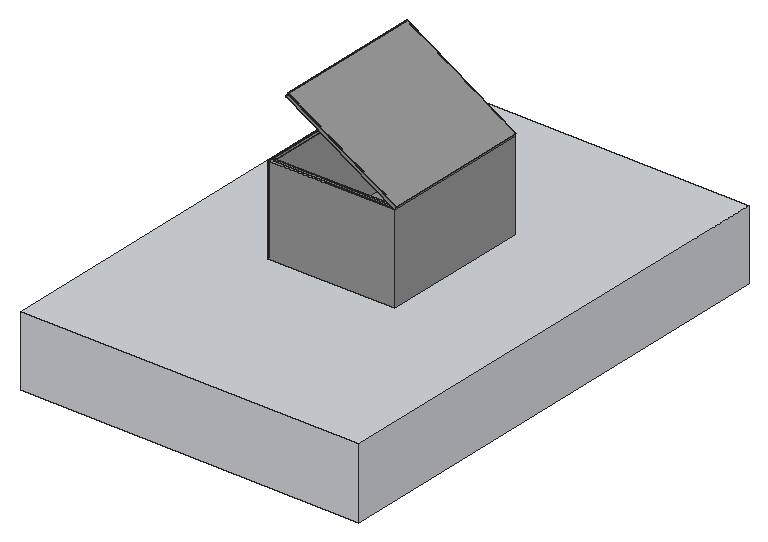
Revit family "Hager-Univers-IP55-D400-H650-Cl.II-Steel_encl-DE-de", category Equipement électrique, Revit 2020
Family settings
  Hôte = Face
  Configuration du panneau = Deux colonnes, circuits au sein
  Cote de connecteur circulaire = Utiliser le diamètre
  Type d'élément = Tableau de raccordement
  Couper avec des vides une fois chargée = Non
  Partagée = Non
  Point de calcul de pièce = Non
Parameters (values of type "Aufputz IP55 B550 H650 T400  - FR42H")
  Width Control [instance] = if([EF000008 - Breite] > Min Width, [EF000008 - Breite], Min Width)  # 550 mm
  Commentaires du type = [HG000003 - Bereich]  # "Univers"
  Thickness Door [instance] = if([EF009171 - Materialstärke Tür/Deckel] > 3 mm, 3 mm, [EF009171 - Materialstärke Tür/Deckel])  # 1.5 mm
  Seal Frame Offset [instance] = 17 mm  # constant formula
  Plinth Visibility [instance] = [HG000027 - Sockelhöhe] > 0 mm  # no
  Model = ""
  Min Width [instance] = 100 mm  # constant formula
  Min Height [instance] = 100 mm  # constant formula
  Min Depth [instance] = (2 * [EF009170 - Materialstärke Gehäuse]) + 1 mm  # 4 mm
  Internal Frame Depth [instance] = (Door System Depth * 0.5)  # 9 mm
  Height Control [instance] = if([EF000040 - Höhe] > Min Height, [EF000040 - Höhe], Min Height)  # 650 mm
  HG000027 - Sockelhöhe = 0 mm
  HG000026 - Stehend auf dem Boden = no
  HG000024 - Höhe des unteren Teils = 800 mm
  HG000023 - Gehäuse mit doppeltem Querschnitt = no
  HG000016 - 3D-Türsichtbarkeit [instance] = yes
  HG000015 - Sichtbarkeit der Türöffnung [instance] = no
  HG000014 - Tür rechts [instance] = yes
  HG000013 - Tür links [instance] = not([HG000014 - Tür rechts])  # no
  HG000012 - Türschwenkwinkel [instance] = 30.00°
  HG000010 - Asymmetrische Türen = no
  HG000009 - Doppelflügeligen Tür = no
  HG000006 - Unterputz = no
  HG000004 - Herstellerreferenz = "FR42H"
  HG000003 - Bereich = "Univers"
  HG000002 - Mit tür = yes
  Frame Offset Bottom [instance] = 10 mm  # constant formula
  Frame Offset [instance] = 15 mm  # constant formula
  EF015940 - Deckel mit Überdruckentlastung = no
  EF011959 - Schutzart (NEMA) = ""
  EF009554 - Anzahl der Öffnungen für Flanschplatten = 4
  Fabricant = "Hager"  # constant formula
  EF009212 - Ausführung Deckel = "EV000116 - geschlossen"
  EF009171 - Materialstärke Tür/Deckel = 1.5 mm
  EF009170 - Materialstärke Gehäuse = 1.5 mm
  EF008873 - Nennstrom (In) = 800 A
  EF007800 - Geeignet für Blitzschutz = no
  EF006306 - Mit Schloss = no
  EF006244 - Transparenter Deckel/Tür = no
  EF005474 - Schutzart (IP) = "EV006420 - IP55"
  EF004464 - Art der Tür = "EV002646 - Einzel"
  EF004427 - Anzahl der Module = 96
  EF004293 - Schlagfestigkeit = "EV008784 - IK10"
  EF003532 - Geeignet für Außengebrauch = no
  EF002950 - Breite in Teilungseinheiten = 2
  EF001613 - Funktionserhalt = "EV000494 - ohne"
  EF001596 - Werkstoff des Gehäuses = "EV000179 - Stahl"
  EF001131 - Innentiefe = 400 mm
  EF001088 - Anbaumöglichkeit = yes
  EF000437 - Anzahl der Leitungseinführungen = 4
  EF000339 - Art der Abdeckung = "EV004216 - Tür"
  EF000266 - Anzahl der Reihen = 4
  EF000218 - Einbautiefe = 0 mm
  EF000118 - Mit Montageplatte = no
  EF000116 - RAL-Nummer = "7035"
  EF000049 - Tiefe = 400 mm
  EF000040 - Höhe = 650 mm
  EF000008 - Breite = 550 mm
  EF000007 - Farbe = "EV000270 - grau"
  EF000003 - Montageart = "EV000384 - Aufputz"
  Door System Leaf Tolerance [instance] = 1.5 mm  # constant formula
  Door System Depth [instance] = 18 mm  # constant formula
  Door Height [instance] = Height Control - [HG000027 - Sockelhöhe]  # 650 mm
  Depth Control [instance] = if([EF000049 - Tiefe] > Min Depth, [EF000049 - Tiefe], Min Depth)  # 400 mm
  Default Elevation = 0 mm
  Connector Offset [instance] = Height Control / 2  # 325 mm
  Bottom Top Plate Trim [instance] = 1.5 mm  # constant formula
  Plinth height Ctrl [instance] = if([HG000027 - Sockelhöhe] > 0 mm, [HG000027 - Sockelhöhe], 12 mm)  # 12 mm
Types (3, lengths in mm): name | Width Control | HG000009 - Doppelflügeligen Tür | HG000004 - Herstellerreferenz | EF009554 - Anzahl der Öffnungen für Flanschplatten | EF004464 - Art der Tür | EF004427 - Anzahl der Module | EF002950 - Breite in Teilungseinheiten | EF000437 - Anzahl der Leitungseinführungen | EF000008 - Breite
  Aufputz IP55 B1050 H650 T400  - FR44H | 1050 | no | "FR44H" | 8 | "EV002646 - Einzel" | 288 | 4 | 8 | 1050
  Aufputz IP55 B1550 H650 T400  - FR46H | 1550 | yes | "FR46H" | 12 | "EV003602 - Doppel" | 192 | 6 | 12 | 1550
  Aufputz IP55 B550 H650 T400  - FR42H | 550 | no | "FR42H" | 4 | "EV002646 - Einzel" | 96 | 2 | 4 | 550
Reference planes
  plane 1 "Center (Front/Back)": y = 0
  plane 2: z = 0
  plane 3 "Center (Left/Right)": x = 0
  plane 4: z = 400
  plane 5: y = 1.5
  plane 6: y = 325
  plane 7: y = 0
  plane 8: y = 650
  plane 9: z = 0
  plane 10: x = -260
  plane 11: x = 260
  plane 12: x = 258.5
  plane 13: x = -258.5
  plane 14: y = 648.5
  plane 15: x = -258
  plane 16: x = -275
  plane 17: x = 258
  plane 18: x = 275
  plane 19: x = 273.5
  plane 20: x = -273.5
  plane 21: y = 11.5
  plane 22: y = 650
  plane 23: y = 633.5
  plane 24: z = 382
  plane 25: z = 1.5
  plane 26: z = 380.5
  plane 27: z = 398.5
Forms (mm)
  Extrusion 1, solid
    sketch origin (0, 0, 0) x (1, 0, 0) y (0, 1, 0)
      loop
        line (-702.964, 1305) -> (-702.964, -811.445) -> (766.763, -811.445) -> (766.763, 1305) -> (-702.964, 1305)
    from 0 to -304.8
  Extrusion 2, solid, material "Hager_Steel_RAL7035_Light_Grey", visible <- "Plinth Visibility", detail levels medium+fine
    sketch origin (0, 0, 0) x (1, 0, 0) y (0, 1, 0)
      loop
        line (-275, 0) -> (275, 0) -> (275, 12) -> (-275, 12) -> (-275, 0)
    from 0 to 382
  Extrusion 3, solid, material "Hager_Steel_RAL7035_Light_Grey", detail levels medium+fine
    sketch origin (0, 0, 0) x (1, 0, 0) y (0, 1, 0)
      loop
        line (-275, 0) -> (275, 0) -> (275, 650) -> (-275, 650) -> (-275, 0)
    from 0 to 382
  Extrusion 4, void
    sketch origin (0, 0, 0) x (1, 0, 0) y (0, 1, 0)
      loop
        line (-273.5, 1.5) -> (273.5, 1.5) -> (273.5, 648.5) -> (-273.5, 648.5) -> (-273.5, 1.5)
    from 1.5 to 380.5
  Extrusion 5, void
    sketch origin (-381.607, -4572, 382) x (0, -1, 0) y (-1, 0, 0)
      loop
        line (-4583.5, -123.107) -> (-5205.5, -123.107) -> (-5205.5, -640.107) -> (-4583.5, -640.107) -> (-4583.5, -123.107)
    from 0 to 1.5 <- "EF009170 - Materialstärke Gehäuse"
  Extrusion 6, solid, material "Hager_Steel_RAL7035_Light_Grey", detail levels fine
    sketch origin (0, 0, 382) x (1, 0, 0) y (0, 1, 0)
      loop
        line (-258.5, 633.5) -> (-258.5, 11.5) -> (258.5, 11.5) -> (258.5, 633.5) -> (-258.5, 633.5)
      loop
        line (-260, 10) -> (260, 10) -> (260, 635) -> (-260, 635) -> (-260, 10)
    from 0 to 9 <- "Internal Frame Depth"
  Extrusion 7, solid, material "Hager_Steel_RAL7035_Light_Grey", detail levels coarse
    sketch origin (0, 0, 0) x (1, 0, 0) y (0, 1, 0)
      loop
        line (-275, 0) -> (275, 0) -> (275, 650) -> (-275, 650) -> (-275, 0)
    from 0 to 400
  Sweep 8, void
    path in 3D
      loop
        line (-275, 12, 0) -> (275, 12, 0) -> (275, 12, 382) -> (-275, 12, 382) -> (-275, 12, 0)
    profile origin (-275, 12, 191) x (-1, 0, 0) y (0, -1, 0)
      loop
        line (0, 0) -> (0, 1.5) -> (-1.5, 1.5)
        arc (-1.5, 1.5) -> (-1.061, 0.439) -> (0, 0) r 1.5
Cuts and joins
  Extrusion 4, Extrusion 5 cuts Extrusion 3
  Sweep 8 cuts Extrusion 2
Lines and regions (mm)
  Masking region 1
    outline origin (0, 0, 0) x (1, 0, 0) y (0, 0, 1)
      loop
        line (-275, 400) -> (-275, 0) -> (275, 0) -> (275, 400) -> (-275, 400)
  Masking region 2, detail levels medium+fine
    outline origin (0, 140, 0) x (0, 1, 0) y (0, 0, 1)
      loop
        line (-140, 0) -> (510, 0) -> (510, 382) -> (-140, 382) -> (-140, 0)
  Masking region 3, not visible, detail levels medium+fine
    outline origin (0, 297.922, 0) x (0, 1, 0) y (0, 0, 1)
      loop
        line (38.578, 0) -> (78.578, 0) -> (78.578, 388.5)
        arc (78.578, 388.5) -> (75.649, 395.571) -> (68.578, 398.5) r 10
        line (68.578, 398.5) -> (38.578, 398.5) -> (38.578, 0)
  Masking region 4, detail levels coarse
    outline origin (0, 0, 180) x (0, 1, 0) y (0, 0, 1)
      loop
        line (0, -180) -> (650, -180) -> (650, 220) -> (0, 220) -> (0, -180)
  Masking region 5, visible <- "Plinth Visibility", detail levels medium+fine
    outline origin (0, 52.24, 12.345) x (0, 0, -1) y (0, 1, 0)
      loop
        line (10.845, -40.24) -> (-368.155, -40.24)
        arc (-368.155, -40.24) -> (-368.594, -41.301) -> (-369.655, -41.74) r 1.5
        line (-369.655, -41.74) -> (-369.655, -52.24) -> (12.345, -52.24) -> (12.345, -41.74)
        arc (12.345, -41.74) -> (11.285, -41.301) -> (10.845, -40.24) r 1.5
  Masking region 6, detail levels medium+fine
    outline origin (-381.607, -4572, 382) x (-1, 0, 0) y (0, -1, 0)
      loop
        line (-106.607, -5222) -> (-106.607, -4572) -> (-656.607, -4572) -> (-656.607, -5222) -> (-106.607, -5222)
  Masking region 7, visible <- "Plinth Visibility", detail levels medium+fine
    outline origin (-381.607, -4727, 382) x (-1, 0, 0) y (0, -1, 0)
      loop
        arc (-108.107, -4739) -> (-107.668, -4737.939) -> (-106.607, -4737.5) r 1.5
        line (-106.607, -4737.5) -> (-106.607, -4727) -> (-656.607, -4727) -> (-656.607, -4737.5)
        arc (-656.607, -4737.5) -> (-655.546, -4737.939) -> (-655.107, -4739) r 1.5
        line (-655.107, -4739) -> (-108.107, -4739)
  Masking region 8, detail levels coarse
    outline origin (-442.548, -4669.526, 382) x (-1, 0, 0) y (0, -1, 0)
      loop
        line (-167.548, -5319.526) -> (-167.548, -4669.526) -> (-717.548, -4669.526) -> (-717.548, -5319.526) -> (-167.548, -5319.526)
  sketch lines
    curve 1: line (-275, 12, 382) -> (-275, 12, 0)
    curve 2: line (275, 12, 382) -> (-275, 12, 382)
    curve 3: line (275, 12, 382) -> (275, 12, 0)
    curve 4: line (-275, 12, 0) -> (275, 12, 0)
Dimensions and locks
  "Depth Control": plane 4 to Extrusion 1
  "HG000027 - Sockelhöhe": plane 1 "Center (Front/Back)" to plane 7
  "EF009170 - Materialstärke Gehäuse": plane 5 to plane 7
  locked: connector elem to plane 3 "Center (Left/Right)"
  equal spacing: plane 8, plane 6, plane 7
  locked: connector elem to plane 6
  "EF009170 - Materialstärke Gehäuse": plane 8 to plane 14
  "EF009170 - Materialstärke Gehäuse": plane 10 to plane 13
  "EF009170 - Materialstärke Gehäuse": plane 12 to plane 11
  "Frame Offset": plane 20 to plane 13
  "Frame Offset": plane 12 to plane 19
  "EF009170 - Materialstärke Gehäuse": plane 16 to plane 20
  "EF009170 - Materialstärke Gehäuse": plane 19 to plane 18
  "Seal Frame Offset": plane 16 to plane 15
  "Seal Frame Offset": plane 17 to plane 18
  "Frame Offset Bottom": plane 21 to plane 5
  "Frame Offset": plane 14 to plane 23
  equal spacing: plane 16, plane 3 "Center (Left/Right)", plane 18
  "Width Control": plane 16 to plane 18
  "EF009170 - Materialstärke Gehäuse": plane 4 to plane 27
  "EF009170 - Materialstärke Gehäuse": plane 24 to plane 26
  "EF009170 - Materialstärke Gehäuse": plane 25 to level
  "Door System Depth": plane 4 to plane 24
  "Height Control": plane 1 "Center (Front/Back)" to Extrusion 7 sketch curve
  "Height Control": Masking region 4 sketch curve to plane 1 "Center (Front/Back)"
  "Height Control": plane 1 "Center (Front/Back)" to plane 22
  "Bottom Top Plate Trim": profile plane to Sweep 8 sketch curve
  "Bottom Top Plate Trim": Sweep 8 sketch curve to profile plane
  "Plinth height Ctrl": plane 1 "Center (Front/Back)" to Extrusion 2 sketch curve
  "Plinth height Ctrl": Masking region 5 sketch curve to plane 1 "Center (Front/Back)"
  "Plinth height Ctrl": plane 1 "Center (Front/Back)" to Masking region 7 sketch curve
  "Thickness Door": Extrusion 6 sketch curve to Extrusion 6 sketch curve  (x3)
  "Thickness Door": cut or joined group of Extrusion 3, Extrusion 4, Extrusion 5 to Extrusion 6 sketch curve
  radius of Masking region 3 sketch curve = 10 mm
  "Bottom Top Plate Trim": radius of Masking region 5 sketch curve  (x2)
  "Bottom Top Plate Trim": radius of Sweep 8 sketch curve
  "Bottom Top Plate Trim": radius of Masking region 7 sketch curve  (x2)
  aligned and locked: plane 2 to Extrusion 1
  aligned and locked: level to Extrusion 1
  aligned and locked: level to Masking region 1 sketch curve
  aligned and locked: Masking region 1 sketch curve to plane 18
  aligned and locked: Masking region 1 sketch curve to plane 16
  aligned and locked: plane 7 to Masking region 2 sketch curve
  aligned and locked: level to Masking region 3 sketch curve
  aligned and locked: Masking region 3 sketch curve to plane 27
  aligned and locked: level to Masking region 2 sketch curve
  aligned and locked: plane 1 "Center (Front/Back)" to Extrusion 2 sketch curve
  aligned and locked: Extrusion 3 sketch curve to plane 7
  aligned and locked: plane 16 to Extrusion 3 sketch curve
  aligned and locked: plane 18 to Extrusion 3 sketch curve
  aligned and locked: plane 20 to Extrusion 4 sketch curve
  aligned and locked: plane 19 to Extrusion 4 sketch curve
  aligned and locked: Extrusion 4 sketch curve to plane 5
  aligned and locked: Extrusion 4 to plane 25
  aligned and locked: plane 26 to Extrusion 4
  aligned and locked: plane 24 to Extrusion 3
  aligned and locked: Extrusion 5 sketch curve to plane 21
  aligned and locked: Extrusion 5 sketch curve to plane 13
  aligned and locked: Extrusion 5 sketch curve to plane 12
  aligned and locked: plane 18 to Extrusion 7 sketch curve
  aligned and locked: plane 1 "Center (Front/Back)" to Extrusion 7 sketch curve
  aligned and locked: plane 16 to Extrusion 7 sketch curve
  aligned and locked: plane 4 to Extrusion 7
  aligned and locked: Extrusion 7 to level
  aligned and locked: level to Masking region 4 sketch curve
  aligned and locked: Masking region 4 sketch curve to plane 1 "Center (Front/Back)"
  aligned and locked: Masking region 4 sketch curve to plane 4
  aligned and locked: nested 1 to level
  aligned and locked: nested 1 to plane 16
  aligned and locked: plane 8 to Extrusion 3 sketch curve
  aligned and locked: plane 23 to Extrusion 5 sketch curve
  aligned and locked: plane 14 to Extrusion 4 sketch curve
  aligned and locked: Masking region 2 sketch curve to plane 8
  aligned and locked: level to Masking region 5 sketch curve
  aligned and locked: plane 16 to Extrusion 2 sketch curve
  aligned and locked: plane 18 to Extrusion 2 sketch curve
  aligned and locked: Masking region 5 sketch curve to plane 24
  aligned and locked: Masking region 2 sketch curve to plane 24
  aligned and locked: plane 24 to Extrusion 2
  aligned and locked: profile plane to Sweep 8 sketch curve  (x2)
  aligned and locked: Masking region 6 sketch curve to plane 18
  aligned and locked: Masking region 6 sketch curve to plane 22
  aligned and locked: Masking region 6 sketch curve to plane 16
  aligned and locked: plane 8 to plane 22
  aligned and locked: plane 7 to Masking region 6 sketch curve
  aligned and locked: Masking region 7 sketch curve to plane 16
  aligned and locked: Masking region 7 sketch curve to plane 1 "Center (Front/Back)"
  aligned and locked: Masking region 7 sketch curve to plane 18
  aligned and locked: Masking region 8 sketch curve to plane 1 "Center (Front/Back)"
  aligned and locked: Masking region 8 sketch curve to plane 18
  aligned and locked: Masking region 8 sketch curve to plane 22
  aligned and locked: Masking region 8 sketch curve to plane 16
  aligned and locked: nested 2 to plane 7
  aligned and locked: plane 3 "Center (Left/Right)" to nested 2
  aligned and locked: nested 2 to plane 24
  aligned and locked: Extrusion 6 sketch curve to cut or joined group of Extrusion 3, Extrusion 4, Extrusion 5  (x4)
Automatic sketch dimensions
  Extrusion 1 sketch curve to Extrusion 1 sketch curve = 1469.727 mm
  Extrusion 1 sketch curve to Extrusion 1 sketch curve = 2116.445 mm
  Masking region 1 sketch curve to plane 4 = 0 mm
  plane 6 to Masking region 3 sketch curve = 11.5 mm
  Masking region 3 sketch curve to Masking region 3 sketch curve = 30 mm
  Masking region 5 sketch curve to plane 1 "Center (Front/Back)" = 0 mm
Nested families
  nested 1: "Hager_Enclosure_Symbol" at (-275, 0, 0) x (1, 0, 0) z (0, -1, 0), Height <- "Depth Control", Width <- "Width Control", type "Hager_Enclosure_Symbol"
    with Width_Ctrl 550 mm, Width 550 mm, Height_Ctrl 400 mm, Height 400 mm, A_Width_Int 26.25 mm, A_Width 315 mm, A_Height_Ctrl 350 mm, A_Height 350 mm
  nested 2: "EC000058_Univers_Door" at (0, 0, 382) x (1, 0, 0) z (0, 1, 0), Leaf_Tolerance <- "Door System Leaf Tolerance", Angle <- "HG000012 - Türschwenkwinkel", Door_Depth <- "Door System Depth", Door_Left <- "HG000013 - Tür links", Transparent <- "EF006244 - Transparenter Deckel/Tür", Assymetrical <- "HG000010 - Asymmetrische Türen", Width <- "Width Control", Clearance <- "HG000015 - Sichtbarkeit der Türöffnung", Double <- "HG000009 - Doppelflügeligen Tür", 3d_Door <- "HG000016 - 3D-Türsichtbarkeit", Lock_Visibility <- "EF006306 - Mit Schloss", Width_Ctrl <- "Width Control", Door_Right <- "HG000014 - Tür rechts", Door <- "HG000002 - Mit tür", Height <- "Door Height", Thickness <- "Thickness Door", type "EC000058_Univers_Door", detail levels medium+fine
    with min_wh 4 mm, Width_Ctrl 550 mm, Width 550 mm, Transparent no, Thickness 1.5 mm, Seal_Material Hager_Rubber, Lock_Visibility no, Lock_Material Hager_Plastic_RAL9005_Jet_Black, Leaf_Width 550 mm, Leaf_Tolerance_External_Sides 0 mm, Leaf_Tolerance 1.5 mm, Leaf_Offset 0 mm, Leaf_Height 647 mm, Leaf_2_Width 550 mm, Leaf_2_Offset 275 mm, Leaf_1_Width 550 mm, Leaf_1_Offset 275 mm, Height_Ctrl 650 mm, Height 650 mm, Glass_Material Hager_Glass, Double_Clearance_Ctrl no, Double no, Door_Right_Ctrl yes, Door_Right yes, Door_Material Hager_Steel_RAL7035_Light_Grey, Door_Left_Ctrl no, Door_Left no, Door_Depth 18 mm, Door yes, Clearance_Material Hager_Clearance, Clearance_Depth 550 mm, Clearance_Ctrl no, Clearance no, Assymetrical no, Angle 30.00°, 3d_Door yes
Connectors
  electrical at (0, 325, 0)
    settings: on plane 9, index 1, voltage 0 V, apparent load 0 VA, apparent load phase1 0 VA, apparent load phase2 0 VA, apparent load phase3 0 VA, power factor 1, load classification "Other", number of poles 1, system type 30, power factor state 1, is connector primary yes, connector utility no, sub classification motor no, connector description ""
Definition of nested family "EC000058_Univers_Door"
  Parameters (values of type "EC000058_Univers_Door")
    min_wh [instance] = (2 * Thickness) + 1 mm  # 11 mm
    Width_Ctrl [instance] = 400 mm
    Width [instance] = 500 mm
    Transparent [instance] = yes
    Thickness [instance] = 5 mm
    Seal_Material [instance] = none
    Lock_Visibility [instance] = yes
    Lock_Material [instance] = none
    Leaf_Width [instance] = if((Width_Ctrl - 2 * Leaf_Tolerance_External_Sides) > 0 mm, (Width_Ctrl - 2 * Leaf_Tolerance_External_Sides), min_wh)  # 400 mm
    Leaf_Tolerance_External_Sides [instance] = 0 mm  # constant formula
    Leaf_Tolerance [instance] = 1.5 mm
    Leaf_Offset [instance] = 0 mm  # constant formula
    Leaf_Height [instance] = if((Height_Ctrl - 2 * Leaf_Tolerance) > 0 mm, (Height_Ctrl - 2 * Leaf_Tolerance), min_wh)  # 497 mm
    Leaf_2_Width [instance] = if(and(and(Double, Assymetrical), Door_Left), (Leaf_Width / 3) - (Leaf_Tolerance / 2), if(and(and(Double, Assymetrical), Door_Right), (Leaf_Width / 3) * 2 - (Leaf_Tolerance / 2), if(and(Double, not(Assymetrical)), (Leaf_Width / 2) - Leaf_Tolerance, Leaf_Width)))  # 400 mm
    Leaf_2_Offset [instance] = if(and(Double, Assymetrical), Leaf_2_Width / 2, if(and(Double, not(Assymetrical)), Leaf_Width / 4, Leaf_Width / 2))  # 200 mm
    Leaf_1_Width [instance] = if(and(and(Double, Assymetrical), Door_Right), (Leaf_Width / 3) - (Leaf_Tolerance / 2), if(and(and(Double, Assymetrical), Door_Left), (Width / 3) * 2 - (Leaf_Tolerance / 2), if(and(Double, not(Assymetrical)), (Leaf_Width / 2) - Leaf_Tolerance, Leaf_Width)))  # 400 mm
    Leaf_1_Offset [instance] = if(and(Double, Assymetrical), Leaf_1_Width / 2, if(and(Double, not(Assymetrical)), Leaf_Width / 4, Leaf_Width / 2))  # 200 mm
    Height_Ctrl [instance] = if(Height > min_wh, Height, min_wh)  # 500 mm
    Height [instance] = 500 mm
    Glass_Material [instance] = none
    Double_Clearance_Ctrl [instance] = and(Double, Clearance)  # no
    Double [instance] = no
    Door_Right_Ctrl [instance] = and(or(Door_Right, Double), Door)  # yes
    Door_Right [instance] = yes
    Door_Material [instance] = none
    Door_Left_Ctrl [instance] = and(or(Door_Left, Double), Door)  # no
    Door_Left [instance] = no
    Door_Depth [instance] = 30 mm
    Door [instance] = yes
    Default Elevation = 1219.2 mm
    Clearance_Material [instance] = none
    Clearance_Depth [instance] = if(Leaf_1_Width > Leaf_2_Width, Leaf_1_Width, Leaf_2_Width)  # 400 mm
    Clearance_Ctrl [instance] = and(not(Double), Clearance)  # yes
    Clearance [instance] = yes
    Assymetrical [instance] = yes
    Angle [instance] = 30.00°
    3d_Door [instance] = yes
  Reference planes
    plane 1 "Center (Front/Back)": y = 0
    plane 2 "Bottom": z = 0
    plane 3 "Center (Left/Right)": x = 0
    plane 4: z = 500
    plane 5: x = -200
    plane 6: x = 200
    plane 7: z = 500
    plane 8: x = -200
    plane 9: z = 0
    plane 10: x = 200
    plane 11: y = 0
    plane 12: z = 1.5
    plane 13: x = -600
    plane 14: y = -400
    plane 15: x = 600
    plane 16: x = 0
    plane 17: x = 0
    plane 18: x = -200
    plane 19: x = 200
    plane 20: z = 498.5
  Forms (mm)
    Extrusion 1, solid, material <- "Clearance_Material", visible <- "Double_Clearance_Ctrl"
      sketch origin (1200, 0, 0) x (1, 0, 0) y (0, 0, -1)
        loop
          line (-1800, -498.5) -> (-600, -498.5) -> (-600, 0) -> (-1800, 0) -> (-1800, -498.5)
      from 0 to -400
  Dimensions and locks
    equal spacing: plane 5, plane 3 "Center (Left/Right)", plane 6
    "Width_Ctrl": plane 5 to plane 6
    "Leaf_Offset": plane 5 to plane 8
    "Leaf_Offset": plane 6 to plane 10
    "Leaf_Offset": plane 9 to level
    "Leaf_Offset": plane 4 to plane 7
    "Height_Ctrl": plane 4 to level
    "Leaf_Tolerance": plane 12 to plane 9
    locked: plane 11 to plane 1 "Center (Front/Back)"
    "Leaf_1_Offset": plane 18 to plane 16
    "Leaf_2_Offset": plane 17 to plane 19
    "Leaf_1_Width": plane 13 to plane 8
    "Leaf_2_Width": plane 10 to plane 15
    "Clearance_Depth": plane 14 to plane 1 "Center (Front/Back)"
    "Leaf_Tolerance_External_Sides": plane 8 to plane 18
    "Leaf_Tolerance_External_Sides": plane 19 to plane 10
    "Leaf_Tolerance": plane 7 to plane 20
    aligned and locked: level to plane 2 "Bottom"
    aligned and locked: nested 1 to plane 16
    aligned and locked: nested 2 to plane 17
    aligned and locked: Extrusion 1 to plane 13
    aligned and locked: plane 15 to Extrusion 1
    aligned and locked: Extrusion 1 to plane 14
    aligned and locked: plane 12 to nested 1
    aligned and locked: nested 2 to plane 12
    aligned and locked: Extrusion 1 to plane 11
    aligned and locked: plane 20 to Extrusion 1
    aligned and locked: nested 2 to plane 11
    aligned and locked: nested 1 to plane 11
  Automatic sketch dimensions
    Extrusion 1 sketch curve to level = 0 mm
    plane 5 to Extrusion 1 sketch curve = 400 mm
    plane 6 to Extrusion 1 sketch curve = 400 mm
    Extrusion 1 sketch curve to plane 4 = 1.5 mm
  Nested families
    nested 1: "EC000058_Univers_Door_Leaf" at (0, 0, 1.5), Width <- "Leaf_1_Width", visible <- "Door_Left_Ctrl", Leaf_Height <- "Leaf_Height", Angle <- "Angle", 3d_Door <- "3d_Door", Transparent <- "Transparent", Clearance Material <- "Clearance_Material", Clearance <- "Clearance_Ctrl", Door_Material <- "Door_Material", Glass_Material <- "Glass_Material", Door_Depth <- "Door_Depth", Lock_Material <- "Lock_Material", Seal_Material <- "Seal_Material", Lock_Visibility <- "Lock_Visibility", Thickness <- "Thickness", type "EC000058_Univers_Door_Leaf"
      with Width 400 mm, Transparent_Glass_Offset 30 mm, Transparent_Ctrl yes, Transparent yes, Thickness 5 mm, Standard no, Seal_Material none, Seal_D2 8 mm, Seal_D1 1 mm, Offset_Internal_Frame 10 mm, Lock_Width 20 mm, Lock_Visibility_3d yes, Lock_Visibility yes, Lock_Thickness_3 3 mm, Lock_Thickness_2 1 mm, Lock_Thickness_1 3 mm, Lock_Radius_Offset_2 16 mm, Lock_Radius_Offset_1 15 mm, Lock_Radius_2 5 mm, Lock_Radius 6 mm, Lock_Offset 5 mm, Lock_Material none, Lock_Height 80 mm, Lock_Cover_Top_Offset_2d 17 mm, Lock_Cover_Height -65 mm, Leaf_Height 497 mm, Internal_Seal_Thickness 8 mm, Internal_Seal_Depth_2 4.5 mm, Internal_Frame_Depth 25 mm, Glass_Thickness -1 mm, Glass_Offset -2 mm, Glass_Material none, Door_Material none, Door_Depth 30 mm, Clearance Material none, Clearance yes, Angle_Ctrl 30.00°, Angle 30.00°, 3d_Door yes
    nested 2: "EC000058_Univers_Door_Leaf" at (0, 0, 1.5) x (-1, 0, 0) z (0, 0, 1), Width <- "Leaf_2_Width", visible <- "Door_Right_Ctrl", Leaf_Height <- "Leaf_Height", Angle <- "Angle", 3d_Door <- "3d_Door", Transparent <- "Transparent", Clearance Material <- "Clearance_Material", Clearance <- "Clearance_Ctrl", Door_Material <- "Door_Material", Glass_Material <- "Glass_Material", Door_Depth <- "Door_Depth", Lock_Material <- "Lock_Material", Seal_Material <- "Seal_Material", Lock_Visibility <- "Lock_Visibility", Thickness <- "Thickness", type "EC000058_Univers_Door_Leaf"
      with Width 400 mm, Transparent_Glass_Offset 30 mm, Transparent_Ctrl yes, Transparent yes, Thickness 5 mm, Standard no, Seal_Material none, Seal_D2 8 mm, Seal_D1 1 mm, Offset_Internal_Frame 10 mm, Lock_Width 20 mm, Lock_Visibility_3d yes, Lock_Visibility yes, Lock_Thickness_3 3 mm, Lock_Thickness_2 1 mm, Lock_Thickness_1 3 mm, Lock_Radius_Offset_2 16 mm, Lock_Radius_Offset_1 15 mm, Lock_Radius_2 5 mm, Lock_Radius 6 mm, Lock_Offset 5 mm, Lock_Material none, Lock_Height 80 mm, Lock_Cover_Top_Offset_2d 17 mm, Lock_Cover_Height -65 mm, Leaf_Height 497 mm, Internal_Seal_Thickness 8 mm, Internal_Seal_Depth_2 4.5 mm, Internal_Frame_Depth 25 mm, Glass_Thickness -1 mm, Glass_Offset -2 mm, Glass_Material none, Door_Material none, Door_Depth 30 mm, Clearance Material none, Clearance yes, Angle_Ctrl 30.00°, Angle 30.00°, 3d_Door yes
  Definition of nested family "EC000058_Univers_Door_Leaf"
    Parameters (values of type "EC000058_Univers_Door_Leaf")
      Width [instance] = 2000 mm
      Transparent_Glass_Offset [instance] = 30 mm
      Transparent_Ctrl [instance] = and(Transparent, [3d_Door])  # yes
      Transparent [instance] = yes
      Thickness [instance] = 5 mm
      Standard [instance] = and(not(Transparent), [3d_Door])  # no
      Seal_Material [instance] = none
      Seal_D2 [instance] = 8 mm  # constant formula
      Seal_D1 [instance] = 1 mm  # constant formula
      Offset_Internal_Frame [instance] = 10 mm  # constant formula
      Lock_Width [instance] = 20 mm  # constant formula
      Lock_Visibility_3d [instance] = and(Lock_Visibility, [3d_Door])  # yes
      Lock_Visibility [instance] = yes
      Lock_Thickness_3 [instance] = 3 mm  # constant formula
      Lock_Thickness_2 [instance] = 1 mm  # constant formula
      Lock_Thickness_1 [instance] = 3 mm  # constant formula
      Lock_Radius_Offset_2 [instance] = Lock_Radius_Offset_1 + 1 mm  # 16 mm
      Lock_Radius_Offset_1 [instance] = 15 mm  # constant formula
      Lock_Radius_2 [instance] = Lock_Radius - 1 mm  # 5 mm
      Lock_Radius [instance] = 6 mm  # constant formula
      Lock_Offset [instance] = 5 mm  # constant formula
      Lock_Material [instance] = none
      Lock_Height [instance] = 80 mm  # constant formula
      Lock_Cover_Top_Offset_2d [instance] = Lock_Radius_Offset_2 + 1 mm  # 17 mm
      Lock_Cover_Height [instance] = -(Lock_Height - Lock_Radius_Offset_1)  # -65 mm
      Leaf_Height [instance] = 2720.336 mm
      Internal_Seal_Thickness [instance] = 8 mm  # constant formula
      Internal_Seal_Depth_2 [instance] = 4.5 mm  # constant formula
      Internal_Frame_Depth [instance] = if(Door_Depth - Thickness > 5 mm, Door_Depth - Thickness, 5 mm)  # 25 mm
      Glass_Thickness [instance] = if(Thickness > 15 mm, Glass_Offset + 10 mm, -1 mm)  # -1 mm
      Glass_Offset [instance] = if(Thickness > 15 mm, -(Thickness + 10 mm) / 2, -2 mm)  # -2 mm
      Glass_Material [instance] = none
      Door_Material [instance] = none
      Door_Depth [instance] = 30 mm
      Default Elevation = 0 mm
      Clearance Material [instance] = none
      Clearance [instance] = yes
      Angle_Ctrl [instance] = if(Angle > 180.00°, 180.00°, Angle)  # 90.00°
      Angle [instance] = 90.00°
      3d_Door [instance] = yes
    Reference planes
      plane 1 "Center (Front/Back)": y = 0
      plane 2: z = 0
      plane 3 "Center (Left/Right)": x = 0
      plane 4: y = 2000
      plane 5: x = -1000
      plane 6: x = 1000
      plane 7: x = -3000
      plane 8: z = 2720.336
      plane 9: z = 30
      plane 10: z = 2690.336
      plane 11: x = 970
      plane 12: x = -970
      plane 13: y = -3
      plane 14: z = 107.833
      plane 15: y = -5
      plane 16: y = -223.314
      plane 17: x = -1000
      plane 18: z = 1360.168
      plane 19: y = 30
    Forms (mm)
      Extrusion 1, solid, material <- "Clearance Material", visible <- "Clearance"
        sketch origin (0, 0, 0) x (1, 0, 0) y (0, 0, 1)
          loop
            line (-3000, 2720.336) -> (-3000, 0) -> (1000, 0) -> (1000, 2720.336) -> (-3000, 2720.336)
        from 0 to -2000
      Extrusion 2, solid, material <- "Door_Material", visible <- "Standard", detail levels medium+fine
        sketch origin (-1000, 0, 0) x (0, 1, 0) y (-1, 0, 0)
          loop
            line (0, 30) -> (0, 25) -> (2000, 25) -> (2000, 30) -> (0, 30)
        from 0 to 2720.336 <- "Leaf_Height"
      Extrusion 3, solid, material <- "Door_Material", visible <- "Transparent_Ctrl", detail levels medium+fine
        sketch origin (-1000, 0, 0) x (0, 1, 0) y (-1, 0, 0)
          loop
            line (0, 25) -> (2000, 25) -> (2000, 30) -> (0, 30) -> (0, 25)
        from 0 to 2720.336 <- "Leaf_Height"
      Extrusion 4, void
        sketch origin (-1025, 2000, 0) x (0, 1, 0) y (0, 0, -1)
          loop
            line (-30, -2690.336) -> (-30, -30) -> (-1970, -30) -> (-1970, -2690.336) -> (-30, -2690.336)
        from 0 to 5 <- "Thickness"
      Sweep 5, solid, material <- "Seal_Material", visible <- "Transparent_Ctrl", detail levels fine
        path in 3D
          loop
            line (-1025, 30, 30) -> (-1025, 30, 2690.336) -> (-1025, 1970, 2690.336) -> (-1025, 1970, 30) -> (-1025, 30, 30)
        profile origin (-1025, 1000, 30) x (1, 0, 0) y (0, 0, 1)
          loop
            line (0, 0) -> (0, -8) -> (1, -8) -> (1, 0) -> (0, 0)
      Extrusion 6, solid, material <- "Glass_Material", visible <- "Transparent_Ctrl", detail levels medium+fine
        sketch origin (-1030, 0, 0) x (0, 1, 0) y (0, 0, -1)
          loop
            line (1970, -2690.336) -> (1970, -30) -> (30, -30) -> (30, -2690.336) -> (1970, -2690.336)
        from -2 <- "Glass_Offset" to -1 <- "Glass_Thickness"
      Extrusion 7, solid, material <- "Door_Material", visible <- "3d_Door", detail levels medium+fine
        sketch origin (-1025, 2000, 0) x (0, -1, 0) y (0, 0, -1)
          loop
            line (0, -2720.336) -> (2000, -2720.336) -> (2000, 0) -> (0, 0) -> (0, -2720.336)
          loop
            line (1995, -5) -> (5, -5) -> (5, -2715.336) -> (1995, -2715.336) -> (1995, -5)
        from 0 to 25 <- "Internal_Frame_Depth"
      Sweep 8, solid, material <- "Seal_Material", visible <- "Transparent_Ctrl", detail levels fine
        path in 3D
          loop
            line (-1025, 0, 0) -> (-1025, 2000, 0) -> (-1025, 2000, 2720.336) -> (-1025, 0, 2720.336) -> (-1025, 0, 0)
        profile origin (-1025, 0, 1360.168) x (1, 0, 0) y (0, 1, 0)
          loop
            line (0, 10) -> (2.975, 10)
            arc (2.975, 10) -> (4.053, 10.447) -> (4.5, 11.525) r 1.525
            line (4.5, 11.525) -> (4.5, 16.527)
            arc (4.5, 16.527) -> (4.069, 17.569) -> (3.027, 18) r 1.473
            line (3.027, 18) -> (0, 18) -> (0, 10)
      Extrusion 9, solid, material <- "Lock_Material", visible <- "Lock_Visibility_3d", detail levels fine
        sketch origin (-1030, 0, 0) x (0, 1, 0) y (0, 0, -1)
          loop
            arc (1993.5, -1400.168) -> (1994.561, -1399.729) -> (1995, -1398.668) r 1.5
            line (1995, -1398.668) -> (1995, -1320.168) -> (1975, -1320.168) -> (1975, -1398.668)
            arc (1975, -1398.668) -> (1975.439, -1399.729) -> (1976.5, -1400.168) r 1.5
            line (1976.5, -1400.168) -> (1993.5, -1400.168)
        from 3 <- "Lock_Thickness_1" to 0
      Blend 10, solid, material <- "Lock_Material", visible <- "Lock_Visibility_3d", detail levels fine
        base sketch origin (-1033, 0, 0) x (0, 1, 0) y (0, 0, -1)
          loop
            line (1975, -1320.168) -> (1975, -1398.668)
            arc (1975, -1398.668) -> (1975.439, -1399.729) -> (1976.5, -1400.168) r 1.5
            line (1976.5, -1400.168) -> (1993.5, -1400.168)
            arc (1993.5, -1400.168) -> (1994.561, -1399.729) -> (1995, -1398.668) r 1.5
            line (1995, -1398.668) -> (1995, -1320.168) -> (1975, -1320.168)
        top sketch origin (-1033, 0, 0) x (0, 1, 0) y (0, 0, -1)
          loop
            line (1976, -1320.168) -> (1976, -1398.668)
            arc (1976, -1398.668) -> (1976.146, -1399.022) -> (1976.5, -1399.168) r 0.5
            line (1976.5, -1399.168) -> (1993.5, -1399.168)
            arc (1993.5, -1399.168) -> (1993.854, -1399.022) -> (1994, -1398.668) r 0.5
            line (1994, -1398.668) -> (1994, -1320.168) -> (1976, -1320.168)
        from 0 to 1 <- "Lock_Thickness_2"
      Blend 11, solid, material <- "Lock_Material", visible <- "Lock_Visibility_3d", detail levels fine
        base sketch origin (-1034, 0, 0) x (0, 1, 0) y (0, 0, -1)
          loop
            line (1978, -1320.168) -> (1978, -1384.168)
            arc (1978, -1384.168) -> (1985, -1391.168) -> (1992, -1384.168) r 7
            line (1992, -1384.168) -> (1992, -1320.168) -> (1978, -1320.168)
        top sketch origin (-1034, 0, 0) x (0, 1, 0) y (0, 0, -1)
          loop
            line (1991, -1320.168) -> (1979, -1320.168) -> (1979, -1383.168)
            arc (1979, -1383.168) -> (1985, -1389.168) -> (1991, -1383.168) r 6
            line (1991, -1383.168) -> (1991, -1320.168)
        from 0 to 3 <- "Lock_Thickness_3"
      Extrusion 12, solid, material <- "Lock_Material", visible <- "Lock_Visibility_3d", detail levels fine
        sketch origin (-1030, 1975, 1320.168) x (1, 0, 0) y (0, -1, 0)
          loop
            line (-7, -19) -> (-7, -1) -> (0, -1) -> (0, 0) -> (-8, 0) -> (-8, -20) -> (0, -20) -> (0, -19) -> (-7, -19)
        from 0 to -65 <- "Lock_Cover_Height"
      Extrusion 13, void
        sketch origin (-1038, 1995, 1320.168) x (-1, 0, 0) y (0, 0, -1)
          loop
            line (-5, -65) -> (0, -65) -> (-5, -60) -> (-5, -65)
        from 0 to 20 <- "Lock_Width"
      Extrusion 14, void
        sketch origin (-1038, 1975, 1320.168) x (0, -1, 0) y (0, 0, -1)
          loop
            circle (-10, -15.995) r 6
          loop
            circle (-10, -15.995) r 5
        from 0 to 2
      Extrusion 15, solid, material <- "Lock_Material", visible <- "Lock_Visibility_3d", detail levels medium
        sketch origin (-1030, 0, 0) x (0, 1, 0) y (0, 0, -1)
          loop
            arc (1993.5, -1400.168) -> (1994.561, -1399.729) -> (1995, -1398.668) r 1.5
            line (1995, -1398.668) -> (1995, -1320.168) -> (1975, -1320.168) -> (1975, -1398.668)
            arc (1975, -1398.668) -> (1975.439, -1399.729) -> (1976.5, -1400.168) r 1.5
            line (1976.5, -1400.168) -> (1993.5, -1400.168)
        from 8 to 0
    Cuts and joins
      Extrusion 4 cuts Extrusion 3
      Extrusion 13, Extrusion 14 cuts Extrusion 9
      Extrusion 14 cuts Blend 11
      Extrusion 13, Extrusion 14 cuts Extrusion 12
      joined: Extrusion 9, Blend 10, Blend 11, Extrusion 12
      Extrusion 14 cuts Extrusion 15
    Lines and regions (mm)
      Masking region 1, visible <- "Lock_Visibility", detail levels fine
        outline origin (0, 0, 0) x (0, 1, 0) y (0, 0, 1)
          loop
            line (30, 1320.168) -> (33, 1320.168) -> (33, 1400.168) -> (30, 1400.168) -> (30, 1320.168)
      Masking region 2, visible <- "Lock_Visibility", detail levels fine
        outline origin (0, 3.143, 0) x (0, 1, 0) y (0, 0, 1)
          loop
            line (29.857, 1354.168) -> (30.857, 1354.168) -> (30.857, 1366.168) -> (29.857, 1366.168) -> (29.857, 1354.168)
      Masking region 3, detail levels medium+fine
        outline origin (0, 0, 0) x (0, 1, 0) y (0, 0, 1)
          loop
            line (0, 0) -> (30, 0) -> (30, 2720.336) -> (0, 2720.336) -> (0, 0)
      Masking region 4, detail levels medium+fine
        outline origin (0, 0, 0) x (1, 0, 0) y (0, 0, 1)
          loop
            line (-1000, 2720.336) -> (-1000, 0) -> (1000, 0) -> (1000, 2720.336) -> (-1000, 2720.336)
      Masking region 5, visible <- "Lock_Visibility", detail levels fine
        outline origin (-47.116, 0, 0) x (1, 0, 0) y (0, 0, 1)
          loop
            arc (1024.616, 1399.168) -> (1023.556, 1398.729) -> (1023.116, 1397.668) r 1.5
            line (1023.116, 1397.668) -> (1023.116, 1320.168) -> (1041.116, 1320.168) -> (1041.116, 1397.668)
            arc (1041.116, 1397.668) -> (1040.677, 1398.729) -> (1039.616, 1399.168) r 1.5
            line (1039.616, 1399.168) -> (1024.616, 1399.168)
      Masking region 6, visible <- "Lock_Visibility", detail levels medium+fine
        outline origin (-25, 0, 0) x (1, 0, 0) y (0, 0, 1)
          loop
            arc (1001.5, 1400.168) -> (1000.439, 1399.729) -> (1000, 1398.668) r 1.5
            line (1000, 1398.668) -> (1000, 1320.168) -> (1020, 1320.168) -> (1020, 1398.668)
            arc (1020, 1398.668) -> (1019.561, 1399.729) -> (1018.5, 1400.168) r 1.5
            line (1018.5, 1400.168) -> (1001.5, 1400.168)
      Masking region 7, visible <- "Lock_Visibility", detail levels fine
        outline origin (-73.735, 0, 0) x (1, 0, 0) y (0, 0, 1)
          loop
            line (1051.735, 1382.168) -> (1065.735, 1382.168) -> (1065.735, 1384.168)
            arc (1065.735, 1384.168) -> (1058.735, 1391.168) -> (1051.735, 1384.168) r 7
            line (1051.735, 1384.168) -> (1051.735, 1382.168)
      Masking region 8, visible <- "Lock_Visibility", detail levels fine
        outline origin (-73.735, 0, 0) x (1, 0, 0) y (0, 0, 1)
          loop
            line (1052.735, 1382.168) -> (1064.735, 1382.168) -> (1064.735, 1383.168)
            arc (1064.735, 1383.168) -> (1058.735, 1389.168) -> (1052.735, 1383.168) r 6
            line (1052.735, 1383.168) -> (1052.735, 1382.168)
      Masking region 9, visible <- "Lock_Visibility", detail levels fine
        outline origin (-25, 0, 0) x (1, 0, 0) y (0, 0, 1)
          loop
            line (1020, 1320.168) -> (1020, 1382.168) -> (1000, 1382.168) -> (1000, 1320.168) -> (1020, 1320.168)
      Masking region 10, detail levels medium+fine
        outline origin (0, 0, 0) x (1, 0, 0) y (0, 0, 1)
          loop
            circle (985, 1335.144) r 6
      Masking region 11, detail levels fine
        outline origin (0, 0, 0) x (1, 0, 0) y (0, 0, 1)
          loop
            circle (985, 1335.144) r 5
      Masking region 12, visible <- "Lock_Visibility", detail levels fine
        outline origin (0, 12.767, 0) x (0, 1, 0) y (0, 0, 1)
          loop
            line (20.233, 1320.168) -> (21.233, 1320.168) -> (21.233, 1399.168) -> (20.233, 1400.168) -> (20.233, 1320.168)
      Masking region 13, visible <- "Lock_Visibility", detail levels fine
        outline origin (0, 13.767, -10) x (0, 1, 0) y (0, 0, 1)
          loop
            line (20.233, 1330.168) -> (23.233, 1330.168) -> (23.233, 1399.168) -> (20.233, 1402.168) -> (20.233, 1330.168)
      Masking region 14, visible <- "Lock_Visibility", detail levels fine
        outline origin (0, 12.767, -10) x (0, 1, 0) y (0, 0, 1)
          loop
            line (20.233, 1330.168) -> (25.233, 1330.168) -> (25.233, 1399.305) -> (20.233, 1394.305) -> (20.233, 1330.168)
      Masking region 15, visible <- "Lock_Visibility", detail levels medium
        outline origin (0, 0, 0) x (0, 1, 0) y (0, 0, 1)
          loop
            line (30, 1320.168) -> (38, 1320.168) -> (38, 1400.168) -> (30, 1400.168) -> (30, 1320.168)
      Masking region 16, visible <- "Lock_Visibility", detail levels fine
        outline origin (-1000, 0, 0) x (0, 1, 0) y (-1, 0, 0)
          loop
            line (1975, 30) -> (1995, 30) -> (1995, 38) -> (1975, 38) -> (1975, 30)
          loop
            line (1979, 37) -> (1976, 37) -> (1976, 34) -> (1978, 34) -> (1979, 37)
          loop
            line (1994, 37) -> (1991, 37) -> (1992, 34) -> (1994, 34) -> (1994, 37)
      Masking region 17, visible <- "Lock_Visibility", detail levels medium
        outline origin (-1000, 0, 0) x (0, 1, 0) y (-1, 0, 0)
          loop
            line (1975, 30) -> (1995, 30) -> (1995, 38) -> (1975, 38) -> (1975, 30)
      symbolic lines
        curve 1: line (1000, 0, 0) -> (-3000, 0, 0)
        curve 2: arc (1000, 0, 0) -> (-1000, 2000, 0) -> (-3000, 0, 0) r 2000
        curve 4: line (-1030, 0, 0) -> (-1030, 2000, 0)
      reference lines
        curve 3: line (-1000, 0, 0) -> (-1000, 2000, 0)
      symbolic lines, detail levels medium+fine
        curve 5: line (-1030, 2000, 0) -> (-1025, 2000, 0)
        curve 7: line (-1025, 0, 0) -> (-1030, 0, 0)
        curve 8: line (-1025, 0, 0) -> (-1000, 0, 0)
        curve 9: line (-1000, 0, 0) -> (-1000, 2000, 0)
        curve 10: line (-1000, 2000, 0) -> (-1025, 2000, 0)
      symbolic lines, detail levels fine
        curve 6: line (-1025, 2000, 0) -> (-1025, 0, 0)
      sketch lines
        curve 11: line (-1025, 0, 2720.336) -> (-1025, 0, 0)
        curve 12: line (-1025, 2000, 0) -> (-1025, 0, 0)
        curve 13: line (-1025, 2000, 2720.336) -> (-1025, 2000, 0)
        curve 14: line (-1025, 0, 2720.336) -> (-1025, 2000, 2720.336)
        curve 15: line (-1025, 1970, 30) -> (-1025, 30, 30)
        curve 16: line (-1025, 30, 30) -> (-1025, 30, 2690.336)
        curve 17: line (-1025, 1970, 2690.336) -> (-1025, 1970, 30)
        curve 18: line (-1025, 30, 2690.336) -> (-1025, 1970, 2690.336)
      symbolic lines, visible <- "Transparent", detail levels medium+fine
        curve 19: line (-970, 0, 2690.336) -> (970, 0, 2690.336)
        curve 20: line (-970, 0, 30) -> (-970, 0, 2690.336)
        curve 21: line (970, 0, 30) -> (-970, 0, 30)
        curve 22: line (970, 0, 2690.336) -> (970, 0, 30)
    Dimensions and locks
      "Width": plane 1 "Center (Front/Back)" to plane 4
      equal spacing: plane 5, plane 3 "Center (Left/Right)", plane 6
      "Width": plane 5 to plane 6
      "Width": plane 7 to plane 5
      "Leaf_Height": plane 8 to level
      "Width": curve 5 to curve 3
      "Width": curve 3 to curve 3
      plane 8 to plane 10 = 30 mm
      plane 9 to level = 30 mm
      plane 12 to plane 5 = 30 mm
      plane 6 to plane 11 = 30 mm
      Extrusion 1 to Extrusion 4 sketch curve = 30 mm
      "Transparent_Glass_Offset": curve 3 to Extrusion 4 sketch curve
      "Transparent_Glass_Offset": Extrusion 4 sketch curve to cut or joined group of Extrusion 3, Extrusion 4  (x2)
      cut or joined group of Extrusion 3, Extrusion 4 to Extrusion 6 sketch curve = 30 mm
      "Transparent_Glass_Offset": cut or joined group of Extrusion 3, Extrusion 4 to Extrusion 4 sketch curve
      "Thickness": curve 6 to curve 4
      "Thickness": Extrusion 7 sketch curve to Extrusion 7 sketch curve  (x4)
      "Door_Depth": curve 4 to curve 3
      "Offset_Internal_Frame": profile plane to Sweep 8 sketch curve
      "Internal_Seal_Thickness": Sweep 8 sketch curve to Sweep 8 sketch curve
      "Internal_Seal_Depth_2": profile plane to Sweep 8 sketch curve
      "Seal_D1": profile plane to Sweep 5 sketch curve
      "Seal_D2": profile plane to Sweep 5 sketch curve
      "Thickness": Extrusion 2 sketch curve to Extrusion 2 sketch curve
      equal spacing: Extrusion 9 sketch curve, plane 18, Extrusion 9 sketch curve  (x2)
      equal spacing: Masking region 1 sketch curve, plane 18, Masking region 1 sketch curve
      "Lock_Height": Masking region 1 sketch curve to Masking region 1 sketch curve
      "Lock_Radius": Masking region 2 sketch curve to plane 18 to Masking region 2 sketch curve
      Masking region 2 sketch curve to Masking region 1 = 1 mm
      "Door_Depth": plane 19 to plane 1 "Center (Front/Back)"
      "Lock_Thickness_1": Masking region 1 sketch curve to plane 19
      "Lock_Width": Extrusion 9 sketch curve to Extrusion 9 sketch curve
      "Lock_Height": Extrusion 9 sketch curve to Extrusion 9 sketch curve
      "Lock_Offset": cut or joined group of Extrusion 3, Extrusion 4 to Extrusion 9 sketch curve
      equal spacing: plane 8, plane 18, level
      "Lock_Radius_Offset_1": Blend 11 sketch curve to Blend 10
      locked: Blend 10 to Blend 11 sketch curve at 2  (x2)
      locked: var sketch to Blend 11 sketch curve at 1  (x2)
      "Lock_Radius_Offset_2": Blend 11 sketch curve to Blend 10
      locked: Extrusion 12 sketch curve to Extrusion 12 sketch curve at 1  (x3)
      Masking region 6 sketch curve to Masking region 6 sketch curve = 80 mm
      "Lock_Height": Masking region 6 sketch curve to Masking region 6 sketch curve
      "Lock_Width": Masking region 6 sketch curve to Masking region 6 sketch curve
      locked: Masking region 6 to Masking region 5 sketch curve at 1  (x3)
      locked: Masking region 5 to Masking region 7 sketch curve at 2  (x2)
      "Lock_Radius_Offset_1": Masking region 5 to Masking region 7 sketch curve
      "Lock_Radius_Offset_2": Masking region 5 to Masking region 8 sketch curve
      locked: Masking region 7 to Masking region 8 sketch curve at 1  (x2)
      "Lock_Cover_Top_Offset_2d": Masking region 5 to Masking region 9 sketch curve
      equal spacing: Masking region 9, Masking region 10 sketch curve, Masking region 9
      equal spacing: Masking region 9, Masking region 11 sketch curve, Masking region 9
      Extrusion 15 sketch curve to Extrusion 15 sketch curve = 80 mm
      "Lock_Width": Extrusion 15 sketch curve to Extrusion 15 sketch curve
      "Lock_Height": Extrusion 15 sketch curve to Extrusion 15 sketch curve
      equal spacing: Extrusion 15 sketch curve, plane 18, Extrusion 15 sketch curve
      "Lock_Thickness_3": Masking region 13 sketch curve to Masking region 13 sketch curve
      "Lock_Height": Masking region 12 sketch curve to Masking region 12 sketch curve
      locked: Masking region 13 sketch curve to Masking region 1 at 8
      locked: Masking region 14 sketch curve to Masking region 13 at 1
      locked: Masking region 14 sketch curve to Masking region 1 at 10.863
      "Lock_Height": Masking region 15 sketch curve to Masking region 15 sketch curve
      "Lock_Offset": Extrusion 15 sketch curve to cut or joined group of Extrusion 3, Extrusion 4
      "Lock_Offset": plane 6 to Masking region 6 sketch curve
      radius of Sweep 8 sketch curve = 1.525 mm
      radius of Sweep 8 sketch curve = 1.473 mm
      radius of Extrusion 9 sketch curve = 1.5 mm  (x2)
      "Lock_Radius": radius of Extrusion 14 sketch curve
      "Lock_Radius_2": radius of Extrusion 14 sketch curve
      "Lock_Radius": radius of Masking region 10 sketch curve
      "Lock_Radius_2": radius of Masking region 11 sketch curve
      radius of Extrusion 15 sketch curve = 1.5 mm  (x2)
      "Angle_Ctrl": angle plane 1 "Center (Front/Back)" to curve 3
      locked: Masking region 12 sketch curve to Masking region 12 sketch curve (angle 45.00°)
      locked: Masking region 13 sketch curve to Masking region 13 sketch curve (angle 45.00°)
      locked: Masking region 14 sketch curve to Masking region 14 sketch curve (angle 45.00°)
      aligned and locked: level to plane 2
      aligned and locked: Extrusion 1 to curve 1
      aligned and locked: plane 6 to Extrusion 1
      aligned and locked: Extrusion 1 to plane 1 "Center (Front/Back)"
      aligned and locked: plane 4 to Extrusion 1
      aligned and locked: plane 8 to Extrusion 1
      aligned and locked: curve 7 to Extrusion 2 sketch curve
      aligned and locked: curve 5 to Extrusion 2 sketch curve
      aligned and locked: curve 7 to Extrusion 3 sketch curve
      aligned and locked: Extrusion 3 sketch curve to curve 4
      aligned and locked: Extrusion 3 sketch curve to curve 6
      aligned and locked: Extrusion 3 sketch curve to curve 5
      aligned and locked: curve 9 to curve 3
      aligned and locked: Extrusion 7 sketch curve to cut or joined group of Extrusion 3, Extrusion 4  (x4)
      aligned and locked: plane 17 to curve 3
      aligned and locked: plane 1 "Center (Front/Back)" to curve 3
      aligned and locked: plane 17 to plane 5
      aligned and locked: Sweep 8 sketch curve to profile plane
      aligned and locked: Sweep 5 sketch curve to profile plane  (x2)
      aligned and locked: Masking region 1 to Masking region 2 sketch curve
      aligned and locked: plane 19 to Masking region 1 sketch curve
      aligned and locked: plane 1 "Center (Front/Back)" to Masking region 3 sketch curve
      aligned and locked: plane 19 to Masking region 3 sketch curve
      aligned and locked: level to Masking region 3 sketch curve
      aligned and locked: Masking region 3 sketch curve to plane 8
      aligned and locked: plane 17 to Masking region 4 sketch curve
      aligned and locked: level to Masking region 4 sketch curve
      aligned and locked: Masking region 4 sketch curve to plane 8
      aligned and locked: plane 12 to curve 20
      aligned and locked: plane 10 to curve 19
      aligned and locked: plane 11 to curve 22
      aligned and locked: curve 21 to plane 9
      aligned and locked: Extrusion 2 sketch curve to cut or joined group of Extrusion 3, Extrusion 4
      aligned and locked: Blend 10 sketch curve to Extrusion 9  (x4)
      aligned and locked: Extrusion 9 to Blend 10 sketch curve
      aligned and locked: Blend 10 to Blend 11 sketch curve
      aligned and locked: Extrusion 12 sketch curve to Blend 11
      aligned and locked: Extrusion 12 sketch curve to Extrusion 9  (x4)
      aligned and locked: Masking region 5 sketch curve to Masking region 6
      aligned and locked: Masking region 9 sketch curve to Masking region 6  (x3)
      aligned and locked: Masking region 12 sketch curve to Masking region 1
      aligned and locked: Masking region 13 sketch curve to Masking region 1
      aligned and locked: Masking region 12 to Masking region 14
      aligned and locked: Masking region 14 sketch curve to Masking region 1
      aligned and locked: Masking region 15 sketch curve to Masking region 14
      aligned and locked: Masking region 13 sketch curve to Masking region 12
      aligned and locked: Masking region 16 sketch curve to cut or joined group of Extrusion 14, Extrusion 15  (x4)
      aligned and locked: Masking region 16 sketch curve to cut or joined group of Extrusion 9, Blend 10, Blend 11, Extrusion 12, Extrusion 13, Extrusion 14  (x6)
      aligned and locked: cut or joined group of Extrusion 9, Blend 10, Blend 11, Extrusion 12, Extrusion 13, Extrusion 14 to Masking region 16 sketch curve
      aligned and locked: Masking region 17 sketch curve to cut or joined group of Extrusion 14, Extrusion 15  (x3)
      aligned and locked: Masking region 17 sketch curve to cut or joined group of Extrusion 9, Blend 10, Blend 11, Extrusion 12, Extrusion 13, Extrusion 14
      aligned and locked: Masking region 9 to Masking region 8 sketch curve
      aligned and locked: Masking region 9 to Masking region 7 sketch curve
    Automatic sketch dimensions
      plane 1 "Center (Front/Back)" to curve 2 = 0 mm
      curve 2 to plane 5 = 0 mm
      Extrusion 1 sketch curve to level = 0 mm
      Extrusion 1 sketch curve to plane 7 = 0 mm
      Extrusion 1 sketch curve to plane 6 = 0 mm
      Extrusion 1 sketch curve to plane 8 = 0 mm
      Extrusion 3 to Extrusion 6 sketch curve = 30 mm  (x4)
      Masking region 4 sketch curve to plane 6 = 0 mm
      Blend 10 sketch curve to Extrusion 9 = 1.5 mm
      Blend 10 sketch curve to Extrusion 9 = 1 mm
      Extrusion 13 sketch curve to Extrusion 12 = 0 mm  (x2)
      Extrusion 12 to Extrusion 13 sketch curve = 3 mm
      Extrusion 13 sketch curve to Extrusion 12 = 5 mm
      Extrusion 14 sketch curve to Extrusion 14 sketch curve = 0 mm  (x2)
      Extrusion 14 sketch curve to Extrusion 12 = 10 mm
      Extrusion 14 sketch curve to Extrusion 12 = 15.995 mm
      Masking region 5 sketch curve to Masking region 5 sketch curve = 1.5 mm  (x2)
      Masking region 10 sketch curve to plane 18 = 25.024 mm
      Masking region 11 sketch curve to plane 18 = 25.024 mm
      plane 19 to Masking region 14 sketch curve = 3 mm
      Masking region 16 sketch curve to Masking region 16 sketch curve = 3 mm
      curve 4 to curve 3 = 0 mm
      Blend 10 to Blend 11 sketch curve = 0 mm
      Masking region 6 sketch curve to Masking region 6 sketch curve = 1.5 mm  (x2)
      Masking region 6 sketch curve to plane 18 = 40 mm
      plane 19 to Masking region 12 sketch curve = 3 mm
      Masking region 12 sketch curve to Masking region 12 sketch curve = 1 mm
      Masking region 15 sketch curve to plane 19 = 0 mm
      Masking region 15 sketch curve to plane 18 = 40 mm
      radius of Blend 10 sketch curve to Extrusion 9 = 1 mm
Definition of nested family "Hager_Enclosure_Symbol"
  Parameters (values of type "Hager_Enclosure_Symbol")
    Width_Ctrl [instance] = if(Width > 1 mm, Width, 1 mm)  # 102.27 mm
    Width [instance] = 102.27 mm
    Height_Ctrl [instance] = if(Height > 1 mm, Height, 1 mm)  # 66.5 mm
    A_Width_Int [instance] = if(A_Width / 12 > 2 mm, A_Width / 12, 2 mm)  # 4.364 mm
    A_Width [instance] = if(A_Height_Ctrl * 0.9 > 2 mm, A_Height_Ctrl * 0.9, 2 mm)  # 52.369 mm
    A_Height_Ctrl [instance] = if(A_Height > 2 mm, A_Height, 2 mm)  # 58.188 mm
    Height [instance] = 66.5 mm
    A_Height [instance] = Height - (Height / 8)  # 58.188 mm
  Reference planes
    plane 1 "Centre (avant/arrière)": y = 0
    plane 2: z = 0
    plane 3 "Centre (gauche/droite)": x = 0
    plane 4: x = 52.369
    plane 5: y = 33.042
    plane 6: y = 41.77
    plane 7: y = 66.5
    plane 8: x = 26.184
    plane 9: y = 37.406
    plane 10: x = 102.27
    plane 11: y = 66.5
    plane 12: y = 8.313
  Lines and regions (mm)
    Filled region 1, type "Solid_Black", in view "Niveau de réf."
      outline origin (0, 0, 0) x (1, 0, 0) y (0, 1, 0)
        loop
          line (52.369, 66.5) -> (33.188, 54.536) -> (45.365, 45.006) -> (52.369, 66.5)
    Filled region 2, type "Solid_Black", in view "Niveau de réf."
      outline origin (0, 0, 0) x (1, 0, 0) y (0, 1, 0)
        loop
          line (0, 0) -> (102.27, 0) -> (102.27, 66.5) -> (0, 0)
    detail lines, in view "Niveau de réf."
      curve 1: line (0, 8.313, 0) -> (26.184, 41.77, 0)
      curve 2: line (26.184, 41.77, 0) -> (26.184, 33.042, 0)
      curve 3: line (26.184, 33.042, 0) -> (52.369, 66.5, 0)
  Dimensions and locks
    "A_Width": plane 3 "Centre (gauche/droite)" to plane 4
    equal spacing: plane 3 "Centre (gauche/droite)", plane 8, plane 4
    equal spacing: plane 6, plane 9, plane 5
    equal spacing: curve 3, Filled region 1 sketch curve, Filled region 1 sketch curve
    "Height_Ctrl": plane 1 "Centre (avant/arrière)" to plane 11
    "A_Height_Ctrl": plane 11 to plane 12
    equal spacing: plane 11, plane 9, plane 12
    "A_Width_Int": plane 6 to plane 9
    "Width_Ctrl": plane 3 "Centre (gauche/droite)" to plane 10
    angle Filled region 1 sketch curve to curve 3 = 20.00°
    angle curve 3 to Filled region 1 sketch curve = 20.00°
    locked: curve 3 to Filled region 1 sketch curve (angle 90.00°)
    aligned and locked: plane 10 to Filled region 2
    aligned and locked: plane 11 to Filled region 2 sketch curve
    aligned and locked: plane 10 to Filled region 2 sketch curve
    aligned and locked: plane 3 "Centre (gauche/droite)" to curve 1
    aligned and locked: plane 12 to curve 1
    aligned and locked: plane 7 to plane 11
  Automatic sketch dimensions
    Filled region 1 sketch curve to plane 4 = 0 mm
    Filled region 1 sketch curve to plane 7 = 0 mm
    plane 1 "Centre (avant/arrière)" to Filled region 2 sketch curve = 0 mm
    Filled region 2 sketch curve to plane 3 "Centre (gauche/droite)" = 0 mm
    curve 2 to plane 6 = 0 mm
    curve 2 to plane 8 = 0 mm
    curve 3 to plane 4 = 0 mm
    curve 2 to plane 5 = 0 mm
    curve 3 to plane 7 = 0 mm
